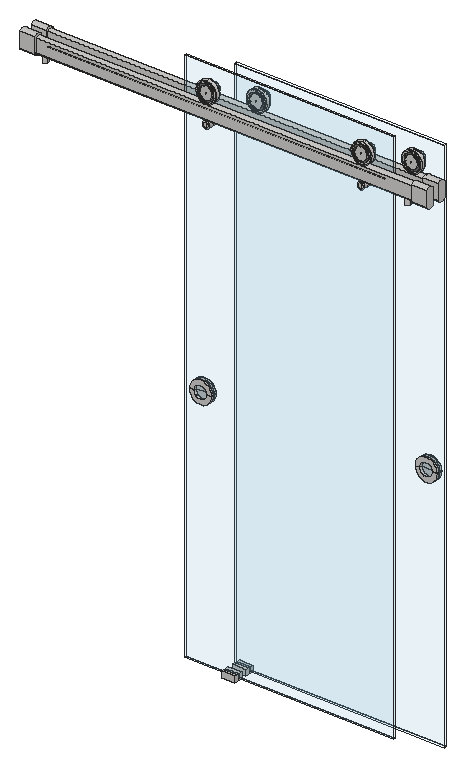
Revit family "Doors_Sliding-Doors_Krownlab_Rorik_Bypassing-Sliding-Doors1", category Specialty Equipment, Revit 2017
Family settings
  Round Connector Dimension = Use Diameter
  Part Type = Normal
  OmniClass Number = 23.30.10.24.17
  OmniClass Title = Other Special Purpose Doors
  Work Plane-Based = No
  Always vertical = Yes
  Cut with Voids When Loaded = No
  Shared = No
  Room Calculation Point = No
Parameters (values of type "60 x 80")
  Width Restrictions = if(Shower Enclosure Width > 72", "Maximum Opening Width is 72 Inches.", if(Shower Enclosure Width < 46", "Minimum Opening Width is 46 Inches.", "Width Accepted."))  # "Width Accepted."
  Wdth_Ctrl = if(Shower Enclosure Width < 46", 46", if(Shower Enclosure Width > 72", 72", Shower Enclosure Width))  # 60"
  URL = "www.krownlab.com/rorik"
  Track Head Clearance = Panel Height - Roller Distance from Top of Panel - 3 3/4" + 3/8"  # 73 1/4"
  Standard Glass Weights = "3/8” glass weighs ~5lb/sf. ½” glass weighs ~6.5lb/sf"  # constant formula
  Roller Distance Note = if(Roller Distance from Top of Panel < 3", "Minimum 3 Inch distance between top of system and center of roller is required", "Top to Roller Center Accepted")  # "Top to Roller Center Accepted"
  Roller Distance from Top of Panel = 3"
  Thcknss_Cntrl = if(Panel Thickness < 3/8", 3/8", if(Panel Thickness > 1/2", 1/2", Panel Thickness))  # 3/8"
  Sliding Door System Finish [instance] = Metal - Krownlab - Brushed Stainless
  Shower Enclosure Width = 60"
  Shower Enclosure Height = 80"
  Product data url = "https://www.bimobject.com/en-us/krownlab/product/krownlab_rorik"
  Product Guid = "81050c2b-4abd-41d7-b6a0-dd9f5f50d341"
  Panel Weight Warning = Glass Weight Calculation > Maximum Panel Weight  # no
  Panel Thickness = 3/8"
  Panel Size Availability = if(Glass Weight Calculation > Maximum Panel Weight, "Panel size is overweight.", if(Shower Enclosure Width > 72", "Maximum Width of 72 Inches", if(Shower Enclosure Width < 46", "Minimum Width of 46 Inches", "Available")))  # "Available"
  Panel Area = Panel Width * Panel Height  # 17.0724 SF
  Outside Moving Panels [instance] = not(Inside Moving Panels)  # no
  Opnng_Dstnc_Rt [instance] = if([Front Panel Position (% right)] < 0, 0", if([Front Panel Position (% right)] > 100, 0", (Shower Enclosure Width - Panel Width - 1/4") * (0.01 * [Front Panel Position (% right)])))  # 23.1"
  Opnng_Dstnc_Lt [instance] = if([Rear Panel Position (% right)] < 0, 0", if([Rear Panel Position (% right)] > 100, 0", (Shower Enclosure Width - Panel Width - 1/4") * (0.01 * [Rear Panel Position (% right)])))  # 28 7/8"
  Rear Panel Position (% right) [instance] = 100
  Model = "Rorik Bypassing Sliding Door Shower System"
  Maximum Panel Weight = if(and(Shower Enclosure Width > 60", or(Shower Enclosure Width = 72", Shower Enclosure Width < 72")), 100.00 lbf, if(and(or(Shower Enclosure Width = 46", Shower Enclosure Width > 46"), or(Shower Enclosure Width = 60", Shower Enclosure Width < 60")), 125.00 lbf, 0.00 lbf))  # 125.00 lbf
  Manufacturer = "Krownlab"
  Inside Moving Panels [instance] = yes
  Glazing Material [instance] = Glass - Krownlab - Clear Glass
  Glass Weight Calculation = if(Thcknss_Cntrl = 1/2", (Panel Area / 1.00 SF) * 6.50 lbf, if(Thcknss_Cntrl = 3/8", (Panel Area / 1.00 SF) * 5.00 lbf, 0.00 lbf))  # 85.3619 lbf
  Edition number = 2
  Edge to Door Pull Center [instance] = 2 1/2"
  Panel Width = (Wdth_Ctrl / 2) + (Center Overlap / 2) - 1/8"  # 30 7/8"
  Front Panel Position (% right) [instance] = 80
  Panel Height = Shower Enclosure Height - 3/8"  # 79 5/8"
  Door Pull Option [instance] = Door Pull : Ebba
  Door Pull Finish [instance] = Metal - Krownlab - Brushed Stainless
  Description = "A completely customizable frameless glass sliding door shower system with adjustment features at wall, fixed panel, and door panel attachment points, configurable with up to ADA-compliant 36” clear openings. Made in the USA from high-grade stainless steel and billet aluminum."  # constant formula
  Contact Krownlab = "support@krownlab.com"
  Center Overlap Note = if(Center Overlap < 2", "Minimum 2 Inch Center Overlap is Required", if(Center Overlap > 3 1/2", "Maximum Center Overlap is 3 1/2 Inches.", "Overlap Accepted"))  # "Overlap Accepted"
  Center Overlap = 2"
  Bottom Edge to Door Pull Center [instance] = 36"
  Assembly Code = "C1020"
Types (5): name | Wdth_Ctrl | Track Head Clearance | Shower Enclosure Width | Shower Enclosure Height | Panel Area | Opnng_Dstnc_Rt | Opnng_Dstnc_Lt | Maximum Panel Weight | Glass Weight Calculation | Panel Width | Panel Height
  (no name) | 60" | 73 1/4" | 60" | 80" | 17.0724 SF | 23.1" | 28 7/8" | 125.00 lbf | 85.3619 lbf | 30 7/8" | 79 5/8"
  66 x 80 | 66" | 73 1/4" | 66" | 80" | 18.7312 SF | 25 1/2" | 31 7/8" | 100.00 lbf | 93.6561 lbf | 33 7/8" | 79 5/8"
  72 x 78 | 72" | 71 1/4" | 72" | 78" | 19.8779 SF | 27.9" | 34 7/8" | 100.00 lbf | 99.3896 lbf | 36 7/8" | 77 5/8"
  60 x 80 | 60" | 73 1/4" | 60" | 80" | 17.0724 SF | 23.1" | 28 7/8" | 125.00 lbf | 85.3619 lbf | 30 7/8" | 79 5/8"
  Create a Custom Size | 46" | 73 1/4" | 46" | 80" | 13.2017 SF | 17 1/2" | 21 7/8" | 125.00 lbf | 66.0086 lbf | 23 7/8" | 79 5/8"
Reference planes (in)
  plane 1 "Center (Front/Back)": y = 0.6875
  plane 2: z = 0
  plane 3 "Center (Left/Right)": x = 0
  plane 4: z = 0.375
  plane 5 "Left": x = -29.875
  plane 6 "Right": x = 29.875
  plane 7: z = 74.38753
  plane 8: z = 80
  plane 9 "L": x = -30
  plane 10 "R": x = 30
  plane 11: x = -27.781
  plane 12: x = 27.781
  plane 13: y = 0.6875
  plane 14: z = 72.41202
  plane 15: z = 73.24563
  plane 16 "Arr0w": x = 1.75
  plane 17 "Arroww": z = 40
  plane 18: z = 77
  plane 19: y = 2.75
  plane 20: x = -1
  plane 21: x = -1.75
  plane 22: x = -6.775
  plane 23: z = 36.375
  plane 24: x = -4.275
  plane 25: x = 27.375
  plane 26: x = 29.875
Forms (in)
  Sweep 1, solid, material "Metal - Krownlab - Brushed Stainless" <- "Sliding Door System Finish", detail levels medium+fine
    path origin (0, 0.6875, 0) x (1, 0, 0) y (0, 0, 1)
      loop
        line (-27.781, 74.38753) -> (27.781, 74.38753)
    profile origin (0, 0.6875, 74.38753) x (0, 0, 1) y (0, -1, 0)
      loop
        line (-1.02759, -0.40625) -> (1.01196, -0.40625)
        arc (1.01196, -0.40625) -> (1.21778, 0) -> (1.01196, 0.40625) r 0.50385
        line (1.01196, 0.40625) -> (-1.02759, 0.40625)
        arc (-1.02759, 0.40625) -> (-1.23341, 0) -> (-1.02759, -0.40625) r 0.50385
      loop
        arc (1.01196, -2.46875) -> (1.21774, -2.0625) -> (1.01196, -1.65625) r 0.50391
        line (1.01196, -1.65625) -> (-1.02759, -1.65625)
        arc (-1.02759, -1.65625) -> (-1.23336, -2.0625) -> (-1.02759, -2.46875) r 0.50391
        line (-1.02759, -2.46875) -> (1.01196, -2.46875)
  Extrusion 2, solid, material "Metal - Krownlab - Brushed Stainless" <- "Sliding Door System Finish", detail levels medium+fine
    sketch origin (0, 0, 0) x (0, 1, 0) y (0, 0, 1)
      loop
        arc (1.24, 75.52147) -> (0.6875, 75.79009) -> (0.135, 75.52147) r 0.7025
        line (0.135, 75.52147) -> (0.135, 73.23668)
        arc (0.135, 73.23668) -> (0.6875, 72.96806) -> (1.24, 73.23668) r 0.7025
        line (1.24, 73.23668) -> (1.24, 75.52147)
      loop
        arc (2.1975, 73.23668) -> (2.75, 72.96844) -> (3.3025, 73.23668) r 0.70313
        line (3.3025, 73.23668) -> (3.3025, 75.48668)
        arc (3.3025, 75.48668) -> (2.75, 75.75491) -> (2.1975, 75.48668) r 0.70313
        line (2.1975, 75.48668) -> (2.1975, 73.23668)
    from -30 to -27.781
  Extrusion 3, solid, material "Metal - Krownlab - Brushed Stainless" <- "Sliding Door System Finish", detail levels medium+fine
    sketch origin (0, 0, 3.5) x (0, 1, 0) y (0, 0, 1)
      loop
        arc (1.24, 72.02147) -> (0.6875, 72.29009) -> (0.135, 72.02147) r 0.7025
        line (0.135, 72.02147) -> (0.135, 69.73668)
        arc (0.135, 69.73668) -> (0.6875, 69.46806) -> (1.24, 69.73668) r 0.7025
        line (1.24, 69.73668) -> (1.24, 72.02147)
      loop
        arc (3.3025, 71.98668) -> (2.75, 72.25491) -> (2.1975, 71.98668) r 0.70313
        line (2.1975, 71.98668) -> (2.1975, 69.73668)
        arc (2.1975, 69.73668) -> (2.75, 69.46844) -> (3.3025, 69.73668) r 0.70313
        line (3.3025, 69.73668) -> (3.3025, 71.98668)
    from 27.781 to 30
  Sweep 4, solid, material "Metal - Krownlab - Brushed Stainless" <- "Sliding Door System Finish", detail levels coarse
    path origin (0, 0.6875, 0) x (1, 0, 0) y (0, 0, 1)
      loop
        line (-30, 74.41016) -> (30, 74.41016)
    profile origin (0, 0.6875, 74.41016) x (0, 0, 1) y (0, -1, 0)
      loop
        line (1.11328, 0.5525) -> (-1.16453, 0.5525) -> (-1.16453, -0.5525) -> (1.11328, -0.5525) -> (1.11328, 0.5525)
      loop
        line (1.11328, -1.51) -> (-1.16453, -1.51) -> (-1.16453, -2.615) -> (1.11328, -2.615) -> (1.11328, -1.51)
  Extrusion 5, solid, material "Metal - Krownlab - Brushed Stainless" <- "Sliding Door System Finish", detail levels medium+fine
    sketch origin (0, 0, 0) x (1, 0, 0) y (0, 1, 0)
      loop
        circle (-26.72811, 0.6875) r 0.35337
      loop
        circle (-26.72811, 2.75) r 0.35337
    from 72.41202 to 73.24563
  Extrusion 6, solid, material "Metal - Krownlab - Brushed Stainless" <- "Sliding Door System Finish", detail levels medium+fine
    sketch origin (0, 0, 0) x (-1, 0, 0) y (0, -1, 0)
      loop
        circle (-26.72811, -0.6875) r 0.35337
      loop
        circle (-26.72811, -2.75) r 0.35337
    from 72.41202 to 73.24563
Cuts and joins
  joined: Sweep 1, Extrusion 5, Extrusion 6
Lines and regions (in)
  symbolic lines, style "SpecialityEquipmentHiddenLines"
    curve 1: line (30, 1.24, 0) -> (-30, 1.24, 0)
    curve 2: line (-30, 0.135, 0) -> (30, 0.135, 0)
    curve 3: line (-30, 0.135, 0) -> (-30, 1.24, 0)
    curve 4: line (30, 0.135, 0) -> (30, 1.24, 0)
    curve 5: line (30, 2.1975, 0) -> (30, 3.3025, 0)
    curve 6: line (-30, 2.1975, 0) -> (30, 2.1975, 0)
    curve 7: line (30, 3.3025, 0) -> (-30, 3.3025, 0)
    curve 8: line (-30, 2.1975, 0) -> (-30, 3.3025, 0)
Dimensions and locks (in)
  plane 4 to plane 2 = 3/8"
  "Shower Enclosure Height": plane 8 to plane 2
  equal spacing: plane 6 "Right", plane 3 "Center (Left/Right)", plane 5 "Left"
  "Shower Enclosure Width": plane 10 "R" to plane 9 "L"
  plane 11 to plane 5 "Left" to plane 9 "L" = 2.094" locked, 1/8" locked
  plane 10 "R" to plane 6 "Right" to plane 12 = 1/8" locked, 2.094" locked
  plane 13 to plane 1 "Center (Front/Back)" = 0"
  Sweep 4 sketch curve to plane 13 to Sweep 4 sketch curve = 0.5525" locked, 0.5525" locked
  Sweep 4 sketch curve to plane 7 to Sweep 4 sketch curve = 1.1419" locked, 1.13591" locked  (x2)
  Extrusion 2 sketch curve to plane 13 to Extrusion 2 sketch curve = 0.5525" locked, 0.5525" locked
  Extrusion 3 sketch curve to plane 13 to Extrusion 3 sketch curve = 0.5525" locked, 0.5525" locked
  Sweep 1 sketch curve to plane 13 to Sweep 1 sketch curve = 13/32" locked, 13/32" locked
  plane 7 to plane 15 to plane 14 = 1.1419" locked, 0.83362" locked
  locked: plane 1 "Center (Front/Back)" to Extrusion 6 sketch curve
  locked: plane 5 "Left" to Extrusion 5 sketch curve at 3.14689
  locked: plane 1 "Center (Front/Back)" to Extrusion 5 sketch curve
  locked: Extrusion 6 sketch curve to plane 6 "Right" at 3.14689
  equal spacing: plane 8, plane 17 "Arroww", plane 2
  locked: plane 18 to plane 7 at 2.61247
  "Roller Distance from Top of Panel": plane 8 to plane 18
  Extrusion 2 sketch curve to Extrusion 2 sketch curve to Extrusion 2 sketch curve to plane 7 to Extrusion 2 sketch curve to Extrusion 2 sketch curve to Extrusion 2 sketch curve = 0.26824" locked, 0" locked, 1.15085" locked, 1.09915" locked, 0" locked, 0.26824" locked
  plane 19 to plane 13 = 2 1/16"
  Sweep 1 sketch curve to plane 19 to Sweep 1 sketch curve = 13/32" locked, 13/32" locked
  Sweep 1 sketch curve to Sweep 1 sketch curve to Sweep 1 sketch curve to plane 7 to Sweep 1 sketch curve to Sweep 1 sketch curve to Sweep 1 sketch curve = 0.20577" locked, 0" locked, 1.02759" locked, 1.01196" locked, 0" locked, 0.20577" locked
  "Opnng_Dstnc_Lt": plane 20 to plane 5 "Left"
  Sweep 4 sketch curve to plane 19 to Sweep 4 sketch curve = 0.5525" locked, 0.5525" locked
  Extrusion 3 sketch curve to plane 19 to Extrusion 3 sketch curve = 0.5525" locked, 0.5525" locked
  Extrusion 3 sketch curve to Extrusion 3 sketch curve to Extrusion 3 sketch curve to plane 7 to Extrusion 3 sketch curve to Extrusion 3 sketch curve to Extrusion 3 sketch curve = 0.26824" locked, 0" locked, 1.15085" locked, 1.09915" locked, 0" locked, 0.26824" locked
  Extrusion 2 sketch curve to plane 19 to Extrusion 2 sketch curve = 0.5525" locked, 0.5525" locked
  equal spacing: plane 21, plane 3 "Center (Left/Right)", plane 16 "Arr0w"
  locked: plane 21 to plane 16 "Arr0w" at 3.5
  locked: plane 1 "Center (Front/Back)" to Extrusion 5 sketch curve at 2.0625
  locked: plane 9 "L" to Extrusion 5 sketch curve at 3.27189
  locked: plane 1 "Center (Front/Back)" to Extrusion 6 sketch curve at 2.0625
  Extrusion 6 sketch curve to plane 10 "R" = 3.27189"
  locked: Extrusion 6 sketch curve to plane 10 "R" at 3.27189
  locked: plane 17 "Arroww" to nested 10 at 3
  equal spacing: nested 3, plane 3 "Center (Left/Right)", nested 10
  locked: nested 3 to nested 10 at 3.5
  "Opnng_Dstnc_Rt": plane 22 to plane 5 "Left"
  "Edge to Door Pull Center": plane 26 to plane 25
  "Edge to Door Pull Center": plane 24 to plane 22
  "Panel Width": plane 26 to plane 20
  "Bottom Edge to Door Pull Center": plane 23 to plane 4
  aligned and locked: plane 2 to level
  aligned and locked: plane 4 to nested 1
  aligned and locked: plane 7 to Sweep 1 sketch curve
  aligned and locked: Extrusion 2 to plane 9 "L"
  aligned and locked: plane 11 to Extrusion 2
  aligned and locked: plane 11 to Sweep 1 sketch curve
  aligned and locked: plane 12 to Sweep 1 sketch curve
  aligned and locked: Extrusion 3 to plane 10 "R"
  aligned and locked: Extrusion 3 to plane 12
  aligned and locked: plane 9 "L" to Sweep 4 sketch curve
  aligned and locked: plane 10 "R" to Sweep 4 sketch curve
  aligned and locked: plane 14 to Extrusion 5
  aligned and locked: Extrusion 5 to plane 15
  aligned and locked: plane 14 to Extrusion 6
  aligned and locked: Extrusion 6 to plane 15
  aligned and locked: plane 16 "Arr0w" to nested 2
  aligned and locked: plane 16 "Arr0w" to nested 3
  aligned and locked: plane 17 "Arroww" to nested 3
  aligned and locked: nested 1 to plane 13
  aligned and locked: nested 4 to nested 1
  aligned and locked: level to nested 4
  aligned and locked: plane 3 "Center (Left/Right)" to nested 4
  aligned and locked: nested 5 to plane 19
  aligned and locked: nested 5 to plane 4
  aligned and locked: level to nested 6
  aligned and locked: nested 6 to nested 5
  aligned and locked: nested 6 to level
  aligned and locked: plane 3 "Center (Left/Right)" to nested 6
  aligned and locked: nested 5 to plane 20
  aligned and locked: level to nested 7
  aligned and locked: level to nested 8
  aligned and locked: nested 8 to level  (x2)
  aligned and locked: nested 7 to level
  aligned and locked: nested 5 to nested 8
  aligned and locked: nested 7 to nested 1
  aligned and locked: plane 3 "Center (Left/Right)" to nested 7
  aligned and locked: plane 3 "Center (Left/Right)" to nested 8
  aligned and locked: nested 9 to plane 21
  aligned and locked: curve 1 to Sweep 4
  aligned and locked: curve 2 to Sweep 4
  aligned and locked: curve 3 to Extrusion 2
  aligned and locked: curve 4 to Extrusion 3
  aligned and locked: Extrusion 3 to curve 5
  aligned and locked: curve 6 to Sweep 4
  aligned and locked: curve 7 to Sweep 4
  aligned and locked: curve 8 to Extrusion 2
  aligned and locked: nested 1 to plane 22
  aligned and locked: plane 3 "Center (Left/Right)" to nested 15
  aligned and locked: nested 14 to plane 25
  aligned and locked: nested 11 to plane 25
  aligned and locked: nested 13 to plane 24
  aligned and locked: nested 12 to plane 24
  aligned and locked: plane 23 to nested 14
  aligned and locked: plane 23 to nested 11
  aligned and locked: plane 23 to nested 13
  aligned and locked: plane 23 to nested 12
Automatic sketch dimensions
  Sweep 4 sketch curve to plane 7 = 0.02263"
  profile plane to Sweep 1 sketch curve = 1.02759"
  Sweep 1 sketch curve to Sweep 1 sketch curve = 0.29803"  (x2)
  Sweep 1 sketch curve to profile plane = 0.71393"
  Sweep 1 sketch curve to plane 1 "Center (Front/Back)" = 0"  (x2)
  Extrusion 2 sketch curve to plane 1 "Center (Front/Back)" = 0"  (x2)
  plane 15 to Extrusion 2 sketch curve = 0.00895"
  Extrusion 2 sketch curve to plane 15 = 0.42492"
  Extrusion 2 sketch curve to plane 7 = 0.70007"
  Extrusion 2 sketch curve to Extrusion 2 sketch curve = 0.43388"
  Extrusion 3 sketch curve to plane 1 "Center (Front/Back)" = 0"  (x2)
  plane 15 to Extrusion 3 sketch curve = 0.00895"
  Extrusion 3 sketch curve to plane 15 = 0.42492"
  Extrusion 3 sketch curve to plane 7 = 0.70007"
  Extrusion 3 sketch curve to Extrusion 3 sketch curve = 0.43388"
  curve 2 to plane 9 "L" = 0"
  curve 2 to plane 10 "R" = 0"
  curve 6 to plane 9 "L" = 0"
  curve 7 to plane 10 "R" = 0"
  radius of Extrusion 5 sketch curve = 0.35337"  (x2)
  radius of Extrusion 6 sketch curve = 0.35337"  (x2)
Nested families (in)
  nested 1: "Krownlab Rorik Moving Panel" at (8.6625, 1.41115, 0.375), Panel Width <- "Panel Width", Panel Thickness <- "Thcknss_Cntrl", Guide Hardware <- "Sliding Door System Finish", Handpull <- "Door Pull Finish", Mount System Finish <- "Sliding Door System Finish", Panel Material <- "Glazing Material", Door Pull from Edge <- "Edge to Door Pull Center", Door Pull from Bottom <- "Bottom Edge to Door Pull Center", Inside Moving Panel <- "Inside Moving Panels", type "Rorik Panel"
    with Trolley Distance from Edge 4", Panel Width 30 7/8", Panel Thickness 3/8", Panel Material Glass - Krownlab - Clear Glass, Outside Moving Panel no, Mount System Finish Metal - Krownlab - Brushed Stainless, Inside Moving Panel yes, Handpull Metal - Krownlab - Brushed Stainless, Guide Hardware Metal - Krownlab - Brushed Stainless, Door Pull from Edge 2 1/2", Door Pull from Bottom 36"
  nested 2: "Opening Direction Detail" at (1.75, -5.66667, 0) x (-1, 0, 0) z (0, 0, 1), type "Opening Direction Detail"
  nested 3: "Opening Direction Detail" at (1.75, 0.6875, 40) x (-1, 0, 0) z (0, -1, 0), type "Opening Direction Detail"
  nested 4: "Krownlab Bottom Guides" at (-1.00044, 1.78615, 0), Guide Hardware <- "Sliding Door System Finish", visible <- "Inside Moving Panels", type "Rorik Panel"
    with Guide Hardware Metal - Krownlab - Brushed Stainless
  nested 5: "Krownlab Rorik Moving Panel" at (14.4375, 3.47365, 0.375) x (-1, 0, 0) z (0, 0, 1), Panel Width <- "Panel Width", Panel Thickness <- "Thcknss_Cntrl", Guide Hardware <- "Sliding Door System Finish", Handpull <- "Door Pull Finish", Mount System Finish <- "Sliding Door System Finish", Panel Material <- "Glazing Material", Door Pull from Edge <- "Edge to Door Pull Center", Door Pull from Bottom <- "Bottom Edge to Door Pull Center", Inside Moving Panel <- "Inside Moving Panels", type "Rorik Panel"
    with Trolley Distance from Edge 4", Panel Width 30 7/8", Panel Thickness 3/8", Panel Material Glass - Krownlab - Clear Glass, Outside Moving Panel no, Mount System Finish Metal - Krownlab - Brushed Stainless, Inside Moving Panel yes, Handpull Metal - Krownlab - Brushed Stainless, Guide Hardware Metal - Krownlab - Brushed Stainless, Door Pull from Edge 2 1/2", Door Pull from Bottom 36"
  nested 6: "Krownlab Bottom Guides" at (-1.00044, 3.84865, 0), Guide Hardware <- "Sliding Door System Finish", visible <- "Inside Moving Panels", type "Rorik Panel"
    with Guide Hardware Metal - Krownlab - Brushed Stainless
  nested 7: "Krownlab Bottom Guides" at (-1.00044, -0.02651, 0), Guide Hardware <- "Sliding Door System Finish", visible <- "Outside Moving Panels", type "Rorik Panel"
    with Guide Hardware Metal - Krownlab - Brushed Stainless
  nested 8: "Krownlab Bottom Guides" at (-1.00044, 2.03599, 0), Guide Hardware <- "Sliding Door System Finish", visible <- "Outside Moving Panels", type "Rorik Panel"
    with Guide Hardware Metal - Krownlab - Brushed Stainless
  nested 9: "Opening Direction Detail" at (-1.75, -3.16667, 0), type "Opening Direction Detail"
  nested 10: "Opening Direction Detail" at (-1.75, 0.6875, 37) x (1, 0, 0) z (0, -1, 0), type "Opening Direction Detail"
  nested 11: "Door Pull" at (27.375, 3.47365, 36.375) x (-1, 0, 0) z (0, -1, 0), visible <- "Inside Moving Panels", type <- "Door Pull Option", type "Ebba"
    with Single Sided no, Inger Void 0", Ebba Void 3/8", Double sided yes, Asta Void 0"
  nested 12: "Door Pull" at (-4.275, 1.41115, 36.375) x (-1, 0, 0) z (0, -1, 0), visible <- "Inside Moving Panels", type <- "Door Pull Option", type "Ebba"
    with Single Sided no, Inger Void 0", Ebba Void 3/8", Double sided yes, Asta Void 0"
  nested 13: "Door Pull" at (-4.275, -0.40151, 36.375) x (-1, 0, 0) z (0, -1, 0), type <- "Door Pull Option", visible <- "Outside Moving Panels", type "Ebba"
    with Single Sided no, Inger Void 0", Ebba Void 3/8", Double sided yes, Asta Void 0"
  nested 14: "Door Pull" at (27.375, 1.66099, 36.375) x (-1, 0, 0) z (0, -1, 0), type <- "Door Pull Option", visible <- "Outside Moving Panels", type "Ebba"
    with Single Sided no, Inger Void 0", Ebba Void 3/8", Double sided yes, Asta Void 0"
  nested 15: "Krownlab Warning 3" at (0, 13.47782, 0), visible <- "Panel Weight Warning", type "Krownlab Warning 3"
Definition of nested family "Krownlab Rorik Moving Panel"
  Parameters (values of type "Rorik Panel")
    Trolley Distance from Edge [instance] = 4"
    Top to Roller Center = 3"
    Panel Width [instance] = 35"
    Panel Thickness [instance] = 1/2"
    Panel Material [instance] = none
    Panel Height = 79 5/8"
    Outside Moving Panel [instance] = not(Inside Moving Panel)  # no
    Mount System Finish [instance] = none
    Inside Moving Panel [instance] = yes
    Handpull [instance] = none
    Guide Hardware [instance] = none
    Door Pull from Edge [instance] = 2 1/2"
    Door Pull from Bottom [instance] = 42"
  Reference planes (in)
    plane 1 "Center (Front/Back)": y = 0
    plane 2: z = 0
    plane 3 "Center (Left/Right)": x = 0
    plane 4: z = 79.625
    plane 5: x = 17.5
    plane 6: x = -17.5
    plane 7: y = 0
    plane 8: y = 0.5
    plane 9: z = 0
    plane 10: x = -13.5
    plane 11: x = 13.5
    plane 12 "Track centerline": z = 73.90991
    plane 13: z = 76.5
    plane 14: z = 72.2475
    plane 15 "Handle Distance": x = 15
    plane 16 "Handle Height": z = 42
    plane 17: z = 77.98909
    plane 18: y = -1.93766
    plane 19: y = -0.72365
    plane 20: y = -1.43766
    plane 21: z = 79.5
  Forms (in)
    Extrusion 1, solid, material <- "Panel Material", visible <- "Inside Moving Panel"
      sketch origin (0, 0, 0) x (1, 0, 0) y (0, 1, 0)
        loop
          line (-17.5, 0) -> (17.5, 0) -> (17.5, 0.5) -> (-17.5, 0.5) -> (-17.5, 0)
      from 0 to 79.625
    Extrusion 2, solid, material <- "Panel Material", visible <- "Outside Moving Panel"
      sketch origin (0, 0, 0) x (1, 0, 0) y (0, 1, 0)
        loop
          line (-17.5, -1.93766) -> (17.5, -1.93766) -> (17.5, -1.43766) -> (-17.5, -1.43766) -> (-17.5, -1.93766)
      from 0 to 79.625
  Lines and regions (in)
    Masking region 1, visible <- "Outside Moving Panel"
      outline origin (0, 0, 0) x (1, 0, 0) y (0, 1, 0)
        loop
          line (-17.5, -1.93766) -> (17.5, -1.93766) -> (17.5, -1.43766) -> (-17.5, -1.43766) -> (-17.5, -1.93766)
    Masking region 2, visible <- "Inside Moving Panel"
      outline origin (0, 0, 0) x (1, 0, 0) y (0, 1, 0)
        loop
          line (-17.5, 0) -> (17.5, 0) -> (17.5, 0.5) -> (-17.5, 0.5) -> (-17.5, 0)
  Dimensions and locks (in)
    "Panel Thickness": plane 8 to plane 7
    "Panel Width": plane 6 to plane 5
    "Trolley Distance from Edge": plane 6 to plane 10
    "Trolley Distance from Edge": plane 5 to plane 11
    plane 13 to plane 12 "Track centerline" to plane 14 = 2.59009" locked, 1.66242" locked
    "Door Pull from Bottom": plane 16 "Handle Height" to plane 9
    "Door Pull from Edge": plane 5 to plane 15 "Handle Distance"
    "Panel Height": plane 4 to level
    locked: plane 17 to plane 13 at 1.48909
    equal spacing: plane 6, plane 3 "Center (Left/Right)", plane 5
    "Top to Roller Center": plane 21 to plane 13
    locked: plane 7 to plane 19 at 0.72365
    "Panel Thickness": plane 20 to plane 18
    locked: plane 19 to plane 20 at 0.71401
    locked: plane 4 to plane 21 at 0.125
    aligned and locked: plane 2 to level
    aligned and locked: Extrusion 1 sketch curve to plane 7
    aligned and locked: Extrusion 1 sketch curve to plane 8
    aligned and locked: Extrusion 1 sketch curve to plane 6
    aligned and locked: Extrusion 1 sketch curve to plane 5
    aligned and locked: plane 4 to Extrusion 1
    aligned and locked: Extrusion 1 to level
    aligned and locked: plane 10 to nested 1
    aligned and locked: plane 11 to nested 2
    aligned and locked: nested 1 to plane 7
    aligned and locked: nested 2 to plane 7
    aligned and locked: plane 12 "Track centerline" to nested 1
    aligned and locked: plane 12 "Track centerline" to nested 2
    aligned and locked: Extrusion 2 sketch curve to plane 6
    aligned and locked: plane 18 to Extrusion 2 sketch curve
    aligned and locked: Extrusion 2 sketch curve to plane 5
    aligned and locked: nested 3 to plane 10
    aligned and locked: plane 12 "Track centerline" to nested 3
    aligned and locked: plane 12 "Track centerline" to nested 4
    aligned and locked: nested 4 to plane 11
    aligned and locked: Extrusion 2 to plane 20
    aligned and locked: nested 3 to nested 1
    aligned and locked: nested 4 to nested 3
    aligned and locked: plane 4 to Extrusion 2
    aligned and locked: Masking region 1 sketch curve to Extrusion 2  (x4)
    aligned and locked: Masking region 2 sketch curve to Extrusion 1  (x4)
  Automatic sketch dimensions
    plane 1 "Center (Front/Back)" to Extrusion 2 sketch curve = 1.43766"
  Nested families (in)
    nested 1: "Rorik Hardware" at (-13.5, 0.03937, 73.90991), visible <- "Inside Moving Panel", type "Rorik Hardware"
    nested 2: "Rorik Hardware" at (13.5, 0.03937, 73.90991), visible <- "Inside Moving Panel", type "Rorik Hardware"
    nested 3: "Rorik Hardware" at (-13.5, -1.47703, 73.90991) x (-1, 0, 0) z (0, 0, 1), visible <- "Outside Moving Panel", type "Rorik Hardware"
    nested 4: "Rorik Hardware" at (13.5, -1.47703, 73.90991) x (-1, 0, 0) z (0, 0, 1), visible <- "Outside Moving Panel", type "Rorik Hardware"
  Definition of nested family "Rorik Hardware"
    Parameters (values of type "Baldur Hardware")
      Thickness = 3/8"
      Mount System Finish = none
      Analytic Construction = "<None>"
    Reference planes (in)
      plane 1 "Center (Front/Back)": y = -0.03937
      plane 2: z = 0
      plane 3 "Center (Left/Right)": x = 0
      plane 4: z = 2.59009
      plane 5: y = 0.33563
      plane 6: z = -1.66242
    Forms (in)
      Extrusion 1, solid, detail levels medium+fine
        sketch origin (0, -0.03937, 0) x (1, 0, 0) y (0, 0, 1)
          loop
            circle (0, 2.59009) r 1.22673
          loop
            circle (0, 2.59009) r 0.9134
        from 0.41952 to 1.01814
      Extrusion 2, solid, material <- "Mount System Finish", detail levels medium+fine
        sketch origin (0, -0.03937, 0) x (1, 0, 0) y (0, 0, 1)
          loop
            circle (0, 2.59009) r 0.9134
          loop
            circle (0, 2.59009) r 0.09009
        from 0.3645 to 1.07316
      Revolve 3, solid, material <- "Mount System Finish", detail levels medium+fine
        sketch origin (0, 0, 0) x (0, 1, 0) y (0, 0, 1)
          loop
            line (-1.11253, 1.36336) -> (-1.11253, 1.13538)
            arc (-1.11253, 1.13538) -> (-1.09455, 1.10294) -> (-1.05751, 1.101) r 0.03825
            arc (-1.05751, 1.101) -> (-0.7582, 1.20191) -> (-0.45889, 1.101) r 0.49433
            arc (-0.45889, 1.101) -> (-0.42185, 1.10294) -> (-0.40387, 1.13538) r 0.03825
            line (-0.40387, 1.13538) -> (-0.40387, 1.36336) -> (-1.11253, 1.36336)
          axis (-1.11253, 2.59009) -> (-0.40387, 2.59009)
        angle from 0 to 360
      Extrusion 4, solid, material <- "Mount System Finish", detail levels coarse
        sketch origin (0, -0.03937, 0) x (1, 0, 0) y (0, 0, 1)
          loop
            circle (0, 2.59009) r 1.48909
        from 0.3645 to 1.07316
      Extrusion 5, solid, material <- "Mount System Finish"
        sketch origin (0, -0.03937, 0) x (1, 0, 0) y (0, 0, 1)
          loop
            circle (0, 2.59009) r 0.69755
        from 0 to 0.3645
      Extrusion 6, solid, material <- "Mount System Finish"
        sketch origin (0, -0.03937, 0) x (1, 0, 0) y (0, 0, 1)
          loop
            circle (0, 2.59009) r 0.69755
        from -0.60187 to -0.375
      Extrusion 7, solid, material <- "Mount System Finish"
        sketch origin (0, -0.03937, 0) x (1, 0, 0) y (0, 0, 1)
          loop
            circle (0, -1.66242) r 0.48386
        from -0.375 to -0.6025
      Revolve 8, solid, material <- "Mount System Finish", detail levels medium+fine
        sketch origin (0, 0, -4.75) x (0, 1, 0) y (0, 0, 1)
          loop
            line (-1.15351, 3.08758) -> (-1.15351, 2.63737)
            arc (-1.15351, 2.63737) -> (-1.13553, 2.60493) -> (-1.09849, 2.60299) r 0.03825
            arc (-1.09849, 2.60299) -> (-0.75572, 2.71547) -> (-0.41329, 2.60198) r 0.57588
            line (-0.41329, 2.60198) -> (-0.03937, 2.60198) -> (-0.03937, 3.08758) -> (-1.15351, 3.08758)
          axis (-1.15351, 3.08758) -> (-0.03937, 3.08758)
        angle from 0 to 360
      Extrusion 9, solid, material <- "Mount System Finish"
        sketch origin (0, -0.03937, 0) x (1, 0, 0) y (0, 0, 1)
          loop
            circle (0, -1.66242) r 0.25
          loop
            circle (0, 2.59009) r 0.25
        from -0.375 to 0
      Extrusion 10, solid, material <- "Mount System Finish", detail levels coarse
        sketch origin (0, -0.03937, 0) x (1, 0, 0) y (0, 0, 1)
          loop
            circle (0, -1.66242) r 0.48561
        from 0 to 1.11512
    Dimensions and locks (in)
      locked: plane 4 to plane 2 at 2.59009
      locked: Extrusion 6 to plane 5 at 0.22687
      "Thickness": plane 5 to plane 1 "Center (Front/Back)"
      locked: plane 2 to plane 6 at 1.66242
      locked: Extrusion 7 to plane 5 at 0.2275
      aligned and locked: plane 2 to level
      aligned and locked: plane 4 to Extrusion 1 sketch curve
      aligned and locked: plane 3 "Center (Left/Right)" to Extrusion 1 sketch curve
      aligned and locked: plane 4 to Extrusion 2 sketch curve  (x2)
      aligned and locked: plane 3 "Center (Left/Right)" to Extrusion 2 sketch curve  (x2)
      aligned and locked: plane 4 to Extrusion 4 sketch curve
      aligned and locked: plane 3 "Center (Left/Right)" to Extrusion 4 sketch curve
      aligned and locked: plane 4 to Extrusion 5 sketch curve
      aligned and locked: plane 3 "Center (Left/Right)" to Extrusion 5 sketch curve
      aligned and locked: plane 4 to Extrusion 6 sketch curve
      aligned and locked: plane 3 "Center (Left/Right)" to Extrusion 6 sketch curve
      aligned and locked: Extrusion 6 to plane 5
      aligned and locked: plane 6 to Extrusion 7 sketch curve
      aligned and locked: plane 3 "Center (Left/Right)" to Extrusion 7 sketch curve
      aligned and locked: Extrusion 7 to plane 5
      aligned and locked: plane 6 to Revolve 8 sketch curve
      aligned and locked: plane 3 "Center (Left/Right)" to Extrusion 9 sketch curve  (x2)
      aligned and locked: plane 6 to Extrusion 9 sketch curve
      aligned and locked: plane 5 to Extrusion 9
      aligned and locked: plane 1 "Center (Front/Back)" to Extrusion 9
      aligned and locked: plane 4 to Extrusion 9 sketch curve
      aligned and locked: plane 6 to Extrusion 10 sketch curve
      aligned and locked: plane 3 "Center (Left/Right)" to Extrusion 10 sketch curve
      aligned and locked: Extrusion 10 to plane 1 "Center (Front/Back)"
    Automatic sketch dimensions
      Extrusion 1 sketch curve to Extrusion 1 sketch curve = 0"  (x2)
      Revolve 3 sketch curve to plane 4 = 0"
      plane 1 "Center (Front/Back)" to Revolve 3 sketch curve = 1.07316"
      Revolve 3 sketch curve to Revolve 3 sketch curve = 0.03825"  (x2)
      Revolve 3 sketch curve to Revolve 3 sketch curve = 0.31608"
      plane 1 "Center (Front/Back)" to Revolve 3 sketch curve = 0.40275"
      Revolve 3 sketch curve to plane 4 = 1.22673"
      Revolve 3 sketch curve to Revolve 3 sketch curve = 0.22798"  (x2)
      Revolve 3 sketch curve to Revolve 3 sketch curve = 0.4278"
      Revolve 3 sketch curve to Revolve 3 sketch curve = 0.79587"
      Revolve 3 sketch curve to Revolve 3 sketch curve = 0.01677"
      Revolve 3 sketch curve to plane 5 = 0.17815"
      Revolve 8 sketch curve to plane 6 = 0"
      Revolve 8 sketch curve to plane 1 "Center (Front/Back)" = 0"
      Revolve 8 sketch curve to Revolve 8 sketch curve = 0.35868"
      Revolve 8 sketch curve to Revolve 8 sketch curve = 0.03825"
      Revolve 8 sketch curve to plane 6 = 0.45022"
      Revolve 8 sketch curve to plane 6 = 0.48561"
      Revolve 8 sketch curve to Revolve 8 sketch curve = 0.46238"
      plane 1 "Center (Front/Back)" to Revolve 8 sketch curve = 0.37392"
      Revolve 8 sketch curve to Revolve 8 sketch curve = 0.01677"
      Revolve 8 sketch curve to Revolve 8 sketch curve = 0.75489"
      Revolve 8 sketch curve to plane 5 = 0.17815"
      radius of Extrusion 1 sketch curve = 1.22673"
      radius of Extrusion 1 sketch curve = 0.9134"
      radius of Extrusion 2 sketch curve = 0.9134"
      radius of Extrusion 2 sketch curve = 0.09009"
      radius of Extrusion 4 sketch curve = 1.48909"
      radius of Extrusion 5 sketch curve = 0.69755"
      radius of Extrusion 6 sketch curve = 0.69755"
      radius of Extrusion 7 sketch curve = 0.48386"
      radius of Extrusion 9 sketch curve = 1/4"  (x2)
      radius of Extrusion 10 sketch curve = 0.48561"
Definition of nested family "Krownlab Bottom Guides"
  Parameters (values of type "Rorik Panel")
    Thickness = 3/8"
    Guide Hardware [instance] = none
    Analytic Construction = "<None>"
  Reference planes (in)
    plane 1 "Center (Front/Back)": y = 0
    plane 2: z = 0
    plane 3 "Center (Left/Right)": x = 0
    plane 4: y = -0.375
    plane 5: z = 0.375
    plane 6: x = 1.00044
  Forms (in)
    Extrusion 1, solid, material <- "Guide Hardware"
      sketch origin (0, 0, 0) x (0, 1, 0) y (0, 0, 1)
        loop
          line (0.4275, 0) -> (0.4275, 0.8375) -> (0, 0.8375) -> (0, 0.168) -> (-0.375, 0.168) -> (-0.375, 0.8375) -> (-0.8025, 0.8375) -> (-0.8025, 0) -> (0.4275, 0)
      from 0 to 2.00089
  Dimensions and locks (in)
    locked: Extrusion 1 to Extrusion 1 at 2.00089
    plane 4 to Extrusion 1 sketch curve = 0.4275"
    "Thickness": plane 1 "Center (Front/Back)" to plane 4
    locked: plane 2 to plane 5 at 0.375
    equal spacing: Extrusion 1, plane 6, plane 3 "Center (Left/Right)"
    aligned and locked: plane 2 to level
    aligned and locked: Extrusion 1 to plane 2
  Automatic sketch dimensions
    Extrusion 1 sketch curve to plane 4 = 0"
    Extrusion 1 sketch curve to plane 1 "Center (Front/Back)" = 0"
    Extrusion 1 sketch curve to level = 0"
    Extrusion 1 sketch curve to plane 1 "Center (Front/Back)" = 0.4275"
    level to Extrusion 1 sketch curve = 0.168"
    plane 5 to Extrusion 1 sketch curve = 0.4625"  (x2)
Definition of nested family "Door Pull"
  Parameters (values of type "Inger")
    Single Sided [instance] = not(Double sided)  # no
    Panel Thickness = 3/8"
    Material = none
    Inger Void [instance] = if(and(Inger, Single Sided), 3/16", if(and(Double sided, Inger), Panel Thickness, 0"))  # 3/8"
    Inger = yes
    Ebba Void [instance] = if(and(Ebba, Single Sided), 3/16", if(and(Double sided, Ebba), Panel Thickness, 0"))  # 0"
    Ebba = no
    Double sided [instance] = yes
    Default Elevation = 48"
    Asta Void [instance] = if(and(Asta, Single Sided), 7/16", if(and(Double sided, Asta), Panel Thickness, 0"))  # 0"
    Asta = no
  Types (2): name | Inger Void | Inger | Ebba Void | Ebba
    Ebba | 0" | no | 3/8" | yes
    Inger | 3/8" | yes | 0" | no
  Reference planes (in)
    plane 1 "Center (Front/Back)": y = 0
    plane 2: z = 0
    plane 3 "Center (Left/Right)": x = 0
    plane 4: z = 0
    plane 5: y = 45
    plane 6: y = -47
    plane 7: z = 0
    plane 8: z = -0.375
    plane 9: z = 0
    plane 10: z = 0
    plane 11: z = -0.375
  Forms (in)
    Extrusion 1, solid
      sketch origin (0, 0, 0) x (1, 0, 0) y (0, 1, 0)
        loop
          line (-48, 48) -> (-48, -48) -> (48, -48) -> (48, 48) -> (-48, 48)
      from 0 to -0.5
  Dimensions and locks (in)
    "Panel Thickness": level to plane 8
    "Asta Void": Extrusion 1 to plane 9
    "Ebba Void": level to plane 10
    "Inger Void": Extrusion 1 to plane 11
    aligned and locked: plane 2 to Extrusion 1
    aligned and locked: level to Extrusion 1
    aligned and locked: plane 3 "Center (Left/Right)" to nested 1
    aligned and locked: plane 3 "Center (Left/Right)" to nested 2
    aligned and locked: plane 1 "Center (Front/Back)" to nested 2
    aligned and locked: plane 1 "Center (Front/Back)" to nested 1
  Automatic sketch dimensions
    Extrusion 1 sketch curve to Extrusion 1 sketch curve = 96"  (x2)
  Nested families (in)
    nested 1: "Ebba_Handle" at (0, 0, 0), type "Ebba"
    nested 2: "Inger Single" at (0, 0, 0), type "Inger"
      with Void 43/256", Not Double Sided no, Front Side yes, Ebba Void 0", Double sided yes, Asta Void 0", Inger yes
    nested 3: "Ebba_Handle" at (0, 0, -0.375) x (1, 0, 0) z (0, 0, -1), visible <- "Double sided", type "Ebba"
    nested 4: "Inger Single" at (0, 0, -0.375) x (1, 0, 0) z (0, 0, -1), visible <- "Double sided", type "Inger"
      with Void 43/256", Not Double Sided no, Front Side yes, Ebba Void 0", Double sided yes, Asta Void 0", Inger yes
  Definition of nested family "Inger Single"
    Parameters (values of type "Inger")
      Void [instance] = 43/256"  # constant formula
      Not Double Sided [instance] = not(or(Front Side, Double sided))  # no
      Material = none
      Inger = no
      Front Side [instance] = yes
      Ebba Void [instance] = if(Not Double Sided, 0", if(Ebba, 1/2", 0"))  # 0"
      Ebba = no
      Double sided [instance] = yes
      Default Elevation = 48"
      Asta Void [instance] = if(Not Double Sided, 0", if(Asta, 1/2", 0"))  # 0"
      Asta = no
    Reference planes (in)
      plane 1 "Center (Front/Back)": y = 0
      plane 2: z = 0
      plane 3 "Center (Left/Right)": x = 0
      plane 4: y = 5
      plane 5: y = -5
      plane 6: x = 0.90625
      plane 7: x = -0.90625
      plane 8: x = -0.625
      plane 9: x = 0.625
      plane 10: y = 4.125
      plane 11: y = -4.125
      plane 12: z = 0.125
      plane 13: z = 0
      plane 14: y = 45
      plane 15: y = -47
      plane 16: z = 0
    Forms (in)
      Extrusion 1, solid
        sketch origin (0, 0, 0) x (1, 0, 0) y (0, 1, 0)
          loop
            line (-48, 48) -> (-48, -48) -> (48, -48) -> (48, 48) -> (-48, 48)
        from 0 to -12
      Extrusion 2, solid, material <- "Material", visible <- "Inger"
        sketch origin (0, 0, 0) x (1, 0, 0) y (0, 1, 0)
          loop
            line (-0.375, 9) -> (-0.375, -9) -> (0.375, -9) -> (0.375, 9) -> (-0.375, 9)
        from 0 to 2
    Dimensions and locks (in)
      plane 4 to plane 1 "Center (Front/Back)" to plane 5 = 5" locked, 5" locked
      plane 7 to plane 3 "Center (Left/Right)" to plane 6 = 29/32" locked, 29/32" locked
      plane 11 to plane 1 "Center (Front/Back)" to plane 10 = 4 1/8" locked, 4 1/8" locked
      plane 12 to plane 2 = 1/8"
      "Ebba Void": Extrusion 1 to plane 16
      aligned and locked: plane 2 to Extrusion 1
      aligned and locked: level to Extrusion 1
    Automatic sketch dimensions
      Extrusion 1 sketch curve to Extrusion 1 sketch curve = 96"  (x2)
      Extrusion 2 sketch curve to plane 8 = 1/4"
      plane 9 to Extrusion 2 sketch curve = 1/4"
      Extrusion 2 sketch curve to plane 5 = 4"
      plane 4 to Extrusion 2 sketch curve = 4"
  Definition of nested family "Ebba_Handle"
    Parameters (values of type "Ebba")
      Material = none
      Ebba = no
      Default Elevation = 48"
    Reference planes (in)
      plane 1 "Center (Front/Back)": y = 0
      plane 2: z = 0
      plane 3 "Center (Left/Right)": x = 0
    Forms (in)
      Extrusion 1, solid
        sketch origin (0, 0, 0) x (1, 0, 0) y (0, 1, 0)
          loop
            line (-48, 48) -> (-48, -48) -> (48, -48) -> (48, 48) -> (-48, 48)
        from 0 to -12
      Revolve 2, solid, material <- "Material", visible <- "Ebba"
        sketch origin (0, 0, 0) x (1, 0, 0) y (0, 0, 1)
          loop
            line (1.625, 0) -> (1.625, 0.1875) -> (0.9375, 0.1875) -> (0.9375, -0.15625) -> (0, -0.15625) -> (0, -0.1875) -> (1.0625, -0.1875) -> (1.0625, 0) -> (1.625, 0)
          axis (0, 0.1875) -> (0, -0.1875)
        angle from 0 to 360
    Dimensions and locks (in)
      aligned and locked: plane 2 to Extrusion 1
      aligned and locked: level to Extrusion 1
Definition of nested family "Opening Direction Detail"
  Reference planes (in)
    plane 1 "Center (Front/Back)": y = 0
    plane 2: z = 0
    plane 3 "Center (Left/Right)": x = 0
  Lines and regions (in)
    detail lines, in view "Ref. Level"
      curve 1: line (1.20937, 0, 0) -> (-3.93701, 0, 0)
      curve 2: line (1.20937, 0, 0) -> (0, 1.20937, 0)
      curve 3: line (1.20937, 0, 0) -> (0, -1.20937, 0)
Definition of nested family "Krownlab Warning 3"
  Parameters (values of type "Krownlab Warning 3")
    Warning = "!"
    Text = "Clear Opening Width is invalid. Please refer to Actual Clear Opening Width parameter."
    Text 2 = ""
  Reference planes (in)
    plane 1: y = 0
    plane 2: x = 0
  Lines and regions (in)
    Filled region 1, type "Filled region 1"
      outline origin (0, 0, 0) x (1, 0, 0) y (0, 1, 0)
        loop
          line (0, 0.16703) -> (-0.16703, 0) -> (0, -0.16703) -> (0.16703, 0) -> (0, 0.16703)
  Text (in)
    label "!" at (-0.00306, 0.01684, 0), shows "Warning"
    label "Panel Overweight" at (-0.00306, 0.62273, 0), shows "Text"
